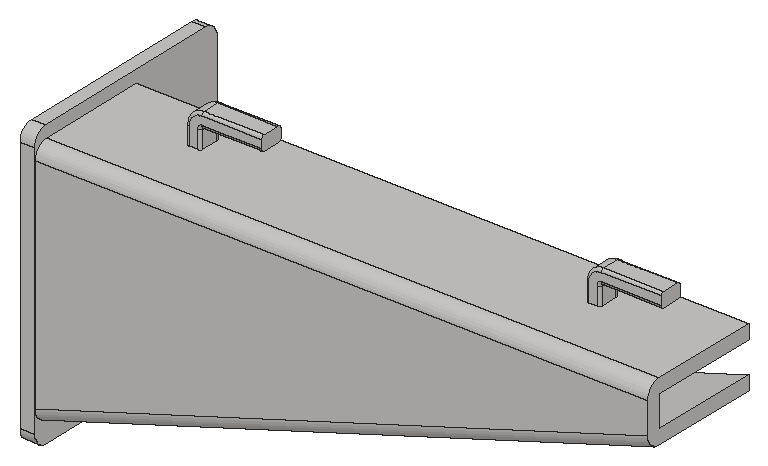
Revit family "E_Cable Tray Support_MEPcontent_OBO Bettermann_Bracket AWG VA", category Cable Tray Fittings, Revit 2015
Parameters (values of type "AWG 15 11 VA4571")
  Wholesaler Art. No. = ""
  Wholesaler = ""
  Watermarked By = "www.stabiplan.com"
  Width 1 = 110.00 mm
  Width = Width 1  # 110 mm
  URL = "www.stabiplan.com"
  built-in parameter 1140111 [instance] = 2.50 mm  # 0.0082021 (stored number, unit not read)
  Stabu Code = ""
  Revit Version = "2015"  # constant formula
  MEPcontent Class = "CABLE_TRAY_SUPPORT"  # constant formula
  Internal Art. No. = ""
  IFCExportType = "NOTDEFINED"  # constant formula
  IFCExportAs = "IfcCableCarrierFittingType"  # constant formula
  Function Code [instance] = ""
  Front Height = Height / 4  # 12.50 mm
  Family Version = "10.14"  # constant formula
  ETIM Article Class = "EC000022"  # constant formula
  EMCS Version = "2.0"  # constant formula
  Copyright = "© Stabiplan International BV"  # constant formula
  Content Supplier URL = ""
  CB-NL Class = ""
  Article Type = if(and(Width = 110.00 mm, Height = 50.00 mm), "AWG 15 11 VA4571", if(and(Width = 210.00 mm, Height = 60.00 mm), "AWG 15 21 VA4571", if(and(Width = 310.00 mm, Height = 65.00 mm), "AWG 15 31 VA4571", "Unknown")))  # "AWG 15 11 VA4571"
  Product Line = "OBO BETTERMANN CableTrays"  # constant formula
  Model = if(and(Width = 110.00 mm, Height = 50.00 mm), "AWG 15 11 VA4571", if(and(Width = 210.00 mm, Height = 60.00 mm), "AWG 15 21 VA4571", if(and(Width = 310.00 mm, Height = 65.00 mm), "AWG 15 31 VA4571", "Unknown")))  # "AWG 15 11 VA4571"
  Manufacturer = "OBO BETTERMANN"  # constant formula
  Custom [instance] = if(and(Width = 110.00 mm, Height = 50.00 mm), 1 = 0, if(and(Width = 210.00 mm, Height = 60.00 mm), 1 = 0, if(and(Width = 310.00 mm, Height = 65.00 mm), 1 = 0, 1 = 1)))  # no
  Height 1 = 50.00 mm
  Height = Height 1  # 50 mm
  GTIN = if(and(Width = 110.00 mm, Height = 50.00 mm), "4012195706304", if(and(Width = 210.00 mm, Height = 60.00 mm), "4012195706311", if(and(Width = 310.00 mm, Height = 65.00 mm), "4012195395362", "Unknown")))  # "4012195706304"
  Description = "Wall Bracket"
  Depth = 40.00 mm
  Manufacturer URL = "http://catalog4.obo-bettermann.com/catalogue/catalogue.do?forward=showProductGroup&act=showIO&favOid=kts_209526&action=showManyProducts&lang=nl&OID=kts_209526&catId="
  Gray = Color RGB 189-187-185
  Manufacturer Art. No. = if(and(Width = 110.00 mm, Height = 50.00 mm), "6420642", if(and(Width = 210.00 mm, Height = 60.00 mm), "6420644", if(and(Width = 310.00 mm, Height = 65.00 mm), "6420646", "Unknown")))  # "6420642"
  Article Description = "Wall Bracket"
Types (3, lengths in mm): name | Width 1 | Width | Front Height | Article Type | Model | Height 1 | Height | GTIN | Manufacturer Art. No.
  AWG 15 11 VA4571 | 110.00 | 110 | 12.50 | "AWG 15 11 VA4571" | "AWG 15 11 VA4571" | 50.00 | 50 | "4012195706304" | "6420642"
  AWG 15 21 VA4571 | 210.00 | 210 | 15.00 | "AWG 15 21 VA4571" | "AWG 15 21 VA4571" | 60.00 | 60 | "4012195706311" | "6420644"
  AWG 15 31 VA4571 | 310.00 | 310 | 16.25 | "AWG 15 31 VA4571" | "AWG 15 31 VA4571" | 65.00 | 65 | "4012195395362" | "6420646"
Reference planes
  plane 1 "Center (Front/Back)": y = 0
  plane 2: z = 0
  plane 3 "Center (Left/Right)": x = 0
  plane 4: y = 20
  plane 5: y = -20
  plane 6: x = 110
  plane 7: x = 2.5
  plane 8: z = 25
  plane 9: z = -25
  plane 10: z = -21
  plane 11: z = 12.5
  plane 12: y = -5
  plane 13: z = 23
Forms (mm)
  Extrusion 1, solid, material "Color RGB 189-187-185" <- "Gray", detail levels medium+fine
    sketch origin (0, 0, 0) x (0, 1, 0) y (0, 0, 1)
      loop
        line (17.5, 25) -> (-17.5, 25)
        arc (-17.5, 25) -> (-19.268, 24.268) -> (-20, 22.5) r 2.5
        line (-20, 22.5) -> (-20, -22.5)
        arc (-20, -22.5) -> (-19.268, -24.268) -> (-17.5, -25) r 2.5
        line (-17.5, -25) -> (17.5, -25)
        arc (17.5, -25) -> (19.268, -24.268) -> (20, -22.5) r 2.5
        line (20, -22.5) -> (20, 22.5)
        arc (20, 22.5) -> (19.268, 24.268) -> (17.5, 25) r 2.5
    from 0 to 2.5
  SweptBlend 2, solid, material "Color RGB 189-187-185" <- "Gray", detail levels medium+fine
    path origin (0, 0, 0) x (1, 0, 0) y (0, 0, 1)
      loop
        line (2.5, 0) -> (110, 0)
    profile origin (2.5, 0, 0) x (0, 0, 1) y (0, -1, 0)
      loop
        line (-21, -2) -> (-18.5, -2) -> (-18.5, 17.5) -> (20.5, 17.5) -> (20.5, -2) -> (23, -2) -> (23, 17.5)
        arc (23, 17.5) -> (22.268, 19.268) -> (20.5, 20) r 2.5
        line (20.5, 20) -> (-18.5, 20)
        arc (-18.5, 20) -> (-20.268, 19.268) -> (-21, 17.5) r 2.5
        line (-21, 17.5) -> (-21, -2)
    end profile origin (110, 0, 0) x (0, 0, 1) y (0, -1, 0)
      loop
        line (12.5, -2) -> (15, -2) -> (15, 17.5) -> (20.5, 17.5) -> (20.5, -2) -> (23, -2) -> (23, 17.5)
        arc (23, 17.5) -> (22.268, 19.268) -> (20.5, 20) r 2.5
        line (20.5, 20) -> (15, 20)
        arc (15, 20) -> (13.232, 19.268) -> (12.5, 17.5) r 2.5
        line (12.5, 17.5) -> (12.5, -2)
  Sweep 3, solid, material "Color RGB 189-187-185" <- "Gray", detail levels medium+fine
    path origin (20, -5, 148.963) x (0, 0, 1) y (-1, 0, 0)
      loop
        line (-121.241, -12) -> (-121.241, -1.5)
        arc (-121.241, -1.5) -> (-121.681, -0.439) -> (-122.741, 0) r 1.5
        line (-122.741, 0) -> (-127.741, 0)
    profile origin (26.75, -5, 27.722) x (0, 0, -1) y (0, -1, 0)
      loop
        arc (-1.25, -1.5) -> (-1.104, -1.854) -> (-0.75, -2) r 0.5
        line (-0.75, -2) -> (0.75, -2)
        arc (0.75, -2) -> (1.104, -1.854) -> (1.25, -1.5) r 0.5
        line (1.25, -1.5) -> (1.25, 1.5)
        arc (1.25, 1.5) -> (1.104, 1.854) -> (0.75, 2) r 0.5
        line (0.75, 2) -> (-0.75, 2)
        arc (-0.75, 2) -> (-1.104, 1.854) -> (-1.25, 1.5) r 0.5
        line (-1.25, 1.5) -> (-1.25, -1.5)
  Sweep 4, solid, material "Color RGB 189-187-185" <- "Gray", detail levels medium+fine
    path origin (82.367, -5, 148.963) x (0, 0, 1) y (-1, 0, 0)
      loop
        line (-121.241, -19.633) -> (-121.241, -9.133)
        arc (-121.241, -9.133) -> (-121.681, -8.072) -> (-122.741, -7.633) r 1.5
        line (-122.741, -7.633) -> (-127.741, -7.633)
    profile origin (96.75, -5, 27.722) x (0, 0, -1) y (0, -1, 0)
      loop
        arc (-1.25, -1.5) -> (-1.104, -1.854) -> (-0.75, -2) r 0.5
        line (-0.75, -2) -> (0.75, -2)
        arc (0.75, -2) -> (1.104, -1.854) -> (1.25, -1.5) r 0.5
        line (1.25, -1.5) -> (1.25, 1.5)
        arc (1.25, 1.5) -> (1.104, 1.854) -> (0.75, 2) r 0.5
        line (0.75, 2) -> (-0.75, 2)
        arc (-0.75, 2) -> (-1.104, 1.854) -> (-1.25, 1.5) r 0.5
        line (-1.25, 1.5) -> (-1.25, -1.5)
Cuts and joins
  joined: SweptBlend 2, Sweep 3, Sweep 4
Lines and regions (mm)
  model lines, style "Fittings", detail levels coarse
    curve 1: line (0, 0, 23) -> (110, 0, 23)
    curve 2: line (0, 0, 23) -> (0, 0, -25)
Dimensions and locks
  equal spacing: plane 4, plane 1 "Center (Front/Back)", plane 5
  "Depth": plane 4 to plane 5
  "Width": plane 6 to plane 3 "Center (Left/Right)"
  locked: plane 7 to plane 3 "Center (Left/Right)" at 2.5
  "Height": plane 8 to plane 9
  equal spacing: plane 8, level, plane 9
  locked: plane 10 to plane 9 at 4
  locked: SweptBlend 2 sketch curve to plane 5 at 2.5  (x2)
  locked: SweptBlend 2 sketch curve to plane 10 at 2.5
  "Front Height": plane 8 to plane 11
  locked: SweptBlend 2 sketch curve to plane 11 at 2.5
  locked: plane 12 to plane 4 at 25
  locked: Sweep 3 sketch curve to Sweep 3 sketch curve at 12
  locked: Sweep 3 sketch curve to Sweep 3 sketch curve at 4
  locked: Sweep 3 sketch curve to Sweep 3 sketch curve at 2.5
  equal spacing: Sweep 3 sketch curve, profile plane, Sweep 3 sketch curve
  Sweep 3 sketch curve to Sweep 3 sketch curve = 4.00 mm
  Sweep 3 sketch curve to Sweep 3 sketch curve = 6.50 mm
  locked: Sweep 3 sketch curve to plane 3 "Center (Left/Right)" at 20
  locked: Sweep 4 sketch curve to Sweep 4 sketch curve at 12
  locked: Sweep 4 sketch curve to Sweep 4 sketch curve at 4
  locked: Sweep 4 sketch curve to Sweep 4 sketch curve at 2.5
  equal spacing: Sweep 4 sketch curve, profile plane, Sweep 4 sketch curve
  Sweep 4 sketch curve to Sweep 4 sketch curve = 4.00 mm
  Sweep 4 sketch curve to Sweep 4 sketch curve = 6.50 mm
  locked: plane 6 to Sweep 4 sketch curve at 20
  locked: SweptBlend 2 sketch curve to SweptBlend 2 sketch curve at 2.5  (x2)
  locked: plane 8 to SweptBlend 2 sketch curve at 2  (x2)
  plane 4 to SweptBlend 2 sketch curve to SweptBlend 2 sketch curve = 18.00 mm locked, 0.00 mm locked
  locked: plane 4 to SweptBlend 2 sketch curve at 18  (x2)
  locked: plane 8 to plane 13 at 2
  radius of Extrusion 1 sketch curve = 2.50 mm  (x4)
  radius of SweptBlend 2 sketch curve = 2.50 mm  (x4)
  radius of Sweep 3 sketch curve = 1.50 mm
  radius of Sweep 4 sketch curve = 1.50 mm
  aligned and locked: level to plane 2
  aligned and locked: plane 8 to Extrusion 1 sketch curve
  aligned and locked: Extrusion 1 sketch curve to plane 4
  aligned and locked: Extrusion 1 sketch curve to plane 9
  aligned and locked: Extrusion 1 sketch curve to plane 5
  aligned and locked: plane 7 to Extrusion 1
  aligned and locked: plane 6 to SweptBlend 2 sketch curve
  aligned and locked: plane 7 to SweptBlend 2 sketch curve
  aligned and locked: SweptBlend 2 sketch curve to plane 2
  aligned and locked: plane 10 to SweptBlend 2 sketch curve
  aligned and locked: plane 5 to SweptBlend 2 sketch curve
  aligned and locked: Extrusion 1 to curve 2
  aligned and locked: plane 13 to curve 2
  aligned and locked: plane 9 to curve 2
Automatic sketch dimensions
  plane 8 to Sweep 3 sketch curve = 1.222 mm
  Sweep 3 sketch curve to Sweep 3 sketch curve = 0.50 mm  (x4)
  Sweep 3 sketch curve to plane 12 = 2.00 mm
  plane 8 to Sweep 4 sketch curve = 1.222 mm
  Sweep 4 sketch curve to Sweep 4 sketch curve = 0.50 mm  (x4)
  Sweep 4 sketch curve to plane 12 = 2.00 mm
  curve 1 to plane 6 = 0.00 mm
  SweptBlend 2 sketch curve to plane 11 = 0.00 mm
  SweptBlend 2 sketch curve to SweptBlend 2 sketch curve = 0.00 mm
